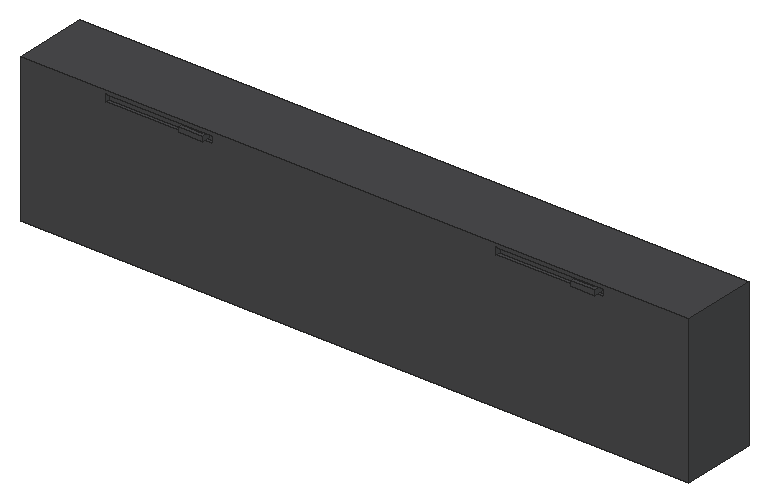
Revit family "DOT BLOCK CEILLING 328_DTSM15U3.1.15", category Luminarias, Revit 2019
Family settings
  Cota de conector redondo = Diámetro de uso
  Tipo de pieza = Normal
  Se basa en plano de trabajo = Sí
  Siempre vertical = Sí
  Corte con vacíos al cargar = No
  Origen de luz = Sí
  Compartido = No
  Punto de cálculo de habitación = No
Parameters (values of type "DOT BLOCK SURFACE 328_DM15U3.3.15")
  Ángulo de inclinación = 60.00°
  Zone [instance] = ""
  Watt per fixture = 15
  Wattage = 15 W
  built-in parameter 1150107 = 2700 (stored number, unit not read)
  built-in parameter 1150110 = 1 (stored number, unit not read)
  built-in parameter 1150109 = 1 (stored number, unit not read)
  built-in parameter 1150112 = 1 (stored number, unit not read)
  built-in parameter 1150113 = 1 (stored number, unit not read)
  built-in parameter 1114218 = 1 (stored number, unit not read)
  Keynote = ""
  built-in parameter 1150137 = (empty or 0)
  built-in parameter 1150132 = (empty or 0)
  Modelo = "DM15U3.3.15"
  Lámpara = "3030SMD PHILIPS"
  built-in parameter 1150105 = 95.493 (stored number, unit not read)
  built-in parameter 1150102 = (empty or 0)
  built-in parameter 1150106 = 0.95493 (stored number, unit not read)
  Lumens = 1200 lm
  Color Filter = 16777215
  built-in parameter 1114217 = 1 (stored number, unit not read)
  built-in parameter 1150139 = (empty or 0)
  Fabricante = "BRILLANT"
  Default Elevation = 1219.2 mm
  built-in parameter 1150104 = 7.4322 (stored number, unit not read)
  Descripción = "LUMINARIA DOWNLIGHT EN FORMATO RECTANGULAR PARA EMPOTRAR DIRECTO EN PLAFON, CUERPO DE ALUMINIO ACABADO EN COLOR NEGRO, IP 20, PESO 0.84Kg, TIPO DE LED 3030SMD PHILIPS CON 15W TOTAL, 1200 LUMENES, 80LM/W, IRC 90, TEMPERATURA EN BLANCO CALIDO 2700K, 50 MIL HORAS DE VIDA PROMEDIO, APERTURA DE 15 GRADOS POR PROYECTO, ALIMENTADO A 90-240V"
  built-in parameter 1150115 = 1 (stored number, unit not read)
  built-in parameter 1150114 = 1 (stored number, unit not read)
  Comentarios de vataje = "90-240V"
  built-in parameter 1150138 = (empty or 0)
  built-in parameter 1150134 = (empty or 0)
  Circuit [instance] = ""
  Dimming Lamp Color Temperature Shift = (empty or 0)
  Archivo de red fotométrica = "L328A-15W-827-B-15_IESNA95.IES"
  built-in parameter 1150133 = 10 (stored number, unit not read)
Reference planes
  plane 1 "Centro (Frontal/Posterior)": y = 0
  plane 2: z = 0
  plane 3 "Centro (Izquierda/Derecha)": x = 0
Forms (mm)
  Extrusion 1, solid, material "Default Form", not visible
    sketch origin (0, 0, 0) x (1, 0, 0) y (0, 0, 1)
      loop
        line (-473, 0) -> (-473, -72) -> (473, -72) -> (473, 0) -> (-473, 0)
    from -18.326 to 18.326
  Blend 2, void, not visible
    base sketch origin (-293.63, 0, 0) x (1, 0, 0) y (0, 1, 0)
      loop
        line (-162, 16.149) -> (-162, -16.149) -> (-144.14, -16.149) -> (-144.14, 16.149) -> (-162, 16.149)
    top sketch origin (-293.63, 0, 0) x (1, 0, 0) y (0, 1, 0)
      loop
        line (-160, 12.149) -> (-160, -12.149) -> (-146.14, -12.149) -> (-146.14, 12.149) -> (-160, 12.149)
    from -72 to -61.591
  Blend 3, void, not visible
    base sketch origin (-267.33, 0, 0) x (1, 0, 0) y (0, 1, 0)
      loop
        line (-162, 16.149) -> (-162, -16.149) -> (-144.14, -16.149) -> (-144.14, 16.149) -> (-162, 16.149)
    top sketch origin (-267.33, 0, 0) x (1, 0, 0) y (0, 1, 0)
      loop
        line (-160, 12.149) -> (-160, -12.149) -> (-146.14, -12.149) -> (-146.14, 12.149) -> (-160, 12.149)
    from -72 to -61.591
  Blend 4, void, not visible
    base sketch origin (-241.03, 0, 0) x (1, 0, 0) y (0, 1, 0)
      loop
        line (-162, 16.149) -> (-162, -16.149) -> (-144.14, -16.149) -> (-144.14, 16.149) -> (-162, 16.149)
    top sketch origin (-241.03, 0, 0) x (1, 0, 0) y (0, 1, 0)
      loop
        line (-160, 12.149) -> (-160, -12.149) -> (-146.14, -12.149) -> (-146.14, 12.149) -> (-160, 12.149)
    from -72 to -61.591
  Blend 5, void, not visible
    base sketch origin (-214.73, 0, 0) x (1, 0, 0) y (0, 1, 0)
      loop
        line (-162, 16.149) -> (-162, -16.149) -> (-144.14, -16.149) -> (-144.14, 16.149) -> (-162, 16.149)
    top sketch origin (-214.73, 0, 0) x (1, 0, 0) y (0, 1, 0)
      loop
        line (-160, 12.149) -> (-160, -12.149) -> (-146.14, -12.149) -> (-146.14, 12.149) -> (-160, 12.149)
    from -72 to -61.591
  Blend 6, void, not visible
    base sketch origin (-188.43, 0, 0) x (1, 0, 0) y (0, 1, 0)
      loop
        line (-162, 16.149) -> (-162, -16.149) -> (-144.14, -16.149) -> (-144.14, 16.149) -> (-162, 16.149)
    top sketch origin (-188.43, 0, 0) x (1, 0, 0) y (0, 1, 0)
      loop
        line (-160, 12.149) -> (-160, -12.149) -> (-146.14, -12.149) -> (-146.14, 12.149) -> (-160, 12.149)
    from -72 to -61.591
  Blend 7, void, not visible
    base sketch origin (-162.13, 0, 0) x (1, 0, 0) y (0, 1, 0)
      loop
        line (-162, 16.149) -> (-162, -16.149) -> (-144.14, -16.149) -> (-144.14, 16.149) -> (-162, 16.149)
    top sketch origin (-162.13, 0, 0) x (1, 0, 0) y (0, 1, 0)
      loop
        line (-160, 12.149) -> (-160, -12.149) -> (-146.14, -12.149) -> (-146.14, 12.149) -> (-160, 12.149)
    from -72 to -61.591
  Blend 8, void, not visible
    base sketch origin (-135.83, 0, 0) x (1, 0, 0) y (0, 1, 0)
      loop
        line (-162, 16.149) -> (-162, -16.149) -> (-144.14, -16.149) -> (-144.14, 16.149) -> (-162, 16.149)
    top sketch origin (-135.83, 0, 0) x (1, 0, 0) y (0, 1, 0)
      loop
        line (-160, 12.149) -> (-160, -12.149) -> (-146.14, -12.149) -> (-146.14, 12.149) -> (-160, 12.149)
    from -72 to -61.591
  Blend 9, void, not visible
    base sketch origin (-109.53, 0, 0) x (1, 0, 0) y (0, 1, 0)
      loop
        line (-162, 16.149) -> (-162, -16.149) -> (-144.14, -16.149) -> (-144.14, 16.149) -> (-162, 16.149)
    top sketch origin (-109.53, 0, 0) x (1, 0, 0) y (0, 1, 0)
      loop
        line (-160, 12.149) -> (-160, -12.149) -> (-146.14, -12.149) -> (-146.14, 12.149) -> (-160, 12.149)
    from -72 to -61.591
  Blend 10, void, not visible
    base sketch origin (-83.23, 0, 0) x (1, 0, 0) y (0, 1, 0)
      loop
        line (-162, 16.149) -> (-162, -16.149) -> (-144.14, -16.149) -> (-144.14, 16.149) -> (-162, 16.149)
    top sketch origin (-83.23, 0, 0) x (1, 0, 0) y (0, 1, 0)
      loop
        line (-160, 12.149) -> (-160, -12.149) -> (-146.14, -12.149) -> (-146.14, 12.149) -> (-160, 12.149)
    from -72 to -61.591
  Blend 11, void, not visible
    base sketch origin (-56.93, 0, 0) x (1, 0, 0) y (0, 1, 0)
      loop
        line (-162, 16.149) -> (-162, -16.149) -> (-144.14, -16.149) -> (-144.14, 16.149) -> (-162, 16.149)
    top sketch origin (-56.93, 0, 0) x (1, 0, 0) y (0, 1, 0)
      loop
        line (-160, 12.149) -> (-160, -12.149) -> (-146.14, -12.149) -> (-146.14, 12.149) -> (-160, 12.149)
    from -72 to -61.591
  Blend 12, void, not visible
    base sketch origin (-30.63, 0, 0) x (1, 0, 0) y (0, 1, 0)
      loop
        line (-162, 16.149) -> (-162, -16.149) -> (-144.14, -16.149) -> (-144.14, 16.149) -> (-162, 16.149)
    top sketch origin (-30.63, 0, 0) x (1, 0, 0) y (0, 1, 0)
      loop
        line (-160, 12.149) -> (-160, -12.149) -> (-146.14, -12.149) -> (-146.14, 12.149) -> (-160, 12.149)
    from -72 to -61.591
  Blend 13, void, not visible
    base sketch origin (-4.33, 0, 0) x (1, 0, 0) y (0, 1, 0)
      loop
        line (-162, 16.149) -> (-162, -16.149) -> (-144.14, -16.149) -> (-144.14, 16.149) -> (-162, 16.149)
    top sketch origin (-4.33, 0, 0) x (1, 0, 0) y (0, 1, 0)
      loop
        line (-160, 12.149) -> (-160, -12.149) -> (-146.14, -12.149) -> (-146.14, 12.149) -> (-160, 12.149)
    from -72 to -61.591
  Blend 14, void, not visible
    base sketch origin (21.97, 0, 0) x (1, 0, 0) y (0, 1, 0)
      loop
        line (-162, 16.149) -> (-162, -16.149) -> (-144.14, -16.149) -> (-144.14, 16.149) -> (-162, 16.149)
    top sketch origin (21.97, 0, 0) x (1, 0, 0) y (0, 1, 0)
      loop
        line (-160, 12.149) -> (-160, -12.149) -> (-146.14, -12.149) -> (-146.14, 12.149) -> (-160, 12.149)
    from -72 to -61.591
  Blend 15, void, not visible
    base sketch origin (48.27, 0, 0) x (1, 0, 0) y (0, 1, 0)
      loop
        line (-162, 16.149) -> (-162, -16.149) -> (-144.14, -16.149) -> (-144.14, 16.149) -> (-162, 16.149)
    top sketch origin (48.27, 0, 0) x (1, 0, 0) y (0, 1, 0)
      loop
        line (-160, 12.149) -> (-160, -12.149) -> (-146.14, -12.149) -> (-146.14, 12.149) -> (-160, 12.149)
    from -72 to -61.591
  Blend 16, void, not visible
    base sketch origin (74.57, 0, 0) x (1, 0, 0) y (0, 1, 0)
      loop
        line (-162, 16.149) -> (-162, -16.149) -> (-144.14, -16.149) -> (-144.14, 16.149) -> (-162, 16.149)
    top sketch origin (74.57, 0, 0) x (1, 0, 0) y (0, 1, 0)
      loop
        line (-160, 12.149) -> (-160, -12.149) -> (-146.14, -12.149) -> (-146.14, 12.149) -> (-160, 12.149)
    from -72 to -61.591
  Blend 17, void, not visible
    base sketch origin (100.87, 0, 0) x (1, 0, 0) y (0, 1, 0)
      loop
        line (-162, 16.149) -> (-162, -16.149) -> (-144.14, -16.149) -> (-144.14, 16.149) -> (-162, 16.149)
    top sketch origin (100.87, 0, 0) x (1, 0, 0) y (0, 1, 0)
      loop
        line (-160, 12.149) -> (-160, -12.149) -> (-146.14, -12.149) -> (-146.14, 12.149) -> (-160, 12.149)
    from -72 to -61.591
  Blend 18, void, not visible
    base sketch origin (127.17, 0, 0) x (1, 0, 0) y (0, 1, 0)
      loop
        line (-162, 16.149) -> (-162, -16.149) -> (-144.14, -16.149) -> (-144.14, 16.149) -> (-162, 16.149)
    top sketch origin (127.17, 0, 0) x (1, 0, 0) y (0, 1, 0)
      loop
        line (-160, 12.149) -> (-160, -12.149) -> (-146.14, -12.149) -> (-146.14, 12.149) -> (-160, 12.149)
    from -72 to -61.591
  Blend 19, void, not visible
    base sketch origin (153.47, 0, 0) x (1, 0, 0) y (0, 1, 0)
      loop
        line (-162, 16.149) -> (-162, -16.149) -> (-144.14, -16.149) -> (-144.14, 16.149) -> (-162, 16.149)
    top sketch origin (153.47, 0, 0) x (1, 0, 0) y (0, 1, 0)
      loop
        line (-160, 12.149) -> (-160, -12.149) -> (-146.14, -12.149) -> (-146.14, 12.149) -> (-160, 12.149)
    from -72 to -61.591
  Blend 20, void, not visible
    base sketch origin (179.77, 0, 0) x (1, 0, 0) y (0, 1, 0)
      loop
        line (-162, 16.149) -> (-162, -16.149) -> (-144.14, -16.149) -> (-144.14, 16.149) -> (-162, 16.149)
    top sketch origin (179.77, 0, 0) x (1, 0, 0) y (0, 1, 0)
      loop
        line (-160, 12.149) -> (-160, -12.149) -> (-146.14, -12.149) -> (-146.14, 12.149) -> (-160, 12.149)
    from -72 to -61.591
  Blend 21, void, not visible
    base sketch origin (206.07, 0, 0) x (1, 0, 0) y (0, 1, 0)
      loop
        line (-162, 16.149) -> (-162, -16.149) -> (-144.14, -16.149) -> (-144.14, 16.149) -> (-162, 16.149)
    top sketch origin (206.07, 0, 0) x (1, 0, 0) y (0, 1, 0)
      loop
        line (-160, 12.149) -> (-160, -12.149) -> (-146.14, -12.149) -> (-146.14, 12.149) -> (-160, 12.149)
    from -72 to -61.591
  Blend 22, void, not visible
    base sketch origin (232.37, 0, 0) x (1, 0, 0) y (0, 1, 0)
      loop
        line (-162, 16.149) -> (-162, -16.149) -> (-144.14, -16.149) -> (-144.14, 16.149) -> (-162, 16.149)
    top sketch origin (232.37, 0, 0) x (1, 0, 0) y (0, 1, 0)
      loop
        line (-160, 12.149) -> (-160, -12.149) -> (-146.14, -12.149) -> (-146.14, 12.149) -> (-160, 12.149)
    from -72 to -61.591
  Blend 23, void, not visible
    base sketch origin (258.67, 0, 0) x (1, 0, 0) y (0, 1, 0)
      loop
        line (-162, 16.149) -> (-162, -16.149) -> (-144.14, -16.149) -> (-144.14, 16.149) -> (-162, 16.149)
    top sketch origin (258.67, 0, 0) x (1, 0, 0) y (0, 1, 0)
      loop
        line (-160, 12.149) -> (-160, -12.149) -> (-146.14, -12.149) -> (-146.14, 12.149) -> (-160, 12.149)
    from -72 to -61.591
  Blend 24, void, not visible
    base sketch origin (284.97, 0, 0) x (1, 0, 0) y (0, 1, 0)
      loop
        line (-162, 16.149) -> (-162, -16.149) -> (-144.14, -16.149) -> (-144.14, 16.149) -> (-162, 16.149)
    top sketch origin (284.97, 0, 0) x (1, 0, 0) y (0, 1, 0)
      loop
        line (-160, 12.149) -> (-160, -12.149) -> (-146.14, -12.149) -> (-146.14, 12.149) -> (-160, 12.149)
    from -72 to -61.591
  Blend 25, void, not visible
    base sketch origin (311.27, 0, 0) x (1, 0, 0) y (0, 1, 0)
      loop
        line (-162, 16.149) -> (-162, -16.149) -> (-144.14, -16.149) -> (-144.14, 16.149) -> (-162, 16.149)
    top sketch origin (311.27, 0, 0) x (1, 0, 0) y (0, 1, 0)
      loop
        line (-160, 12.149) -> (-160, -12.149) -> (-146.14, -12.149) -> (-146.14, 12.149) -> (-160, 12.149)
    from -72 to -61.591
  Blend 26, void, not visible
    base sketch origin (337.57, 0, 0) x (1, 0, 0) y (0, 1, 0)
      loop
        line (-162, 16.149) -> (-162, -16.149) -> (-144.14, -16.149) -> (-144.14, 16.149) -> (-162, 16.149)
    top sketch origin (337.57, 0, 0) x (1, 0, 0) y (0, 1, 0)
      loop
        line (-160, 12.149) -> (-160, -12.149) -> (-146.14, -12.149) -> (-146.14, 12.149) -> (-160, 12.149)
    from -72 to -61.591
  Blend 27, void, not visible
    base sketch origin (363.87, 0, 0) x (1, 0, 0) y (0, 1, 0)
      loop
        line (-162, 16.149) -> (-162, -16.149) -> (-144.14, -16.149) -> (-144.14, 16.149) -> (-162, 16.149)
    top sketch origin (363.87, 0, 0) x (1, 0, 0) y (0, 1, 0)
      loop
        line (-160, 12.149) -> (-160, -12.149) -> (-146.14, -12.149) -> (-146.14, 12.149) -> (-160, 12.149)
    from -72 to -61.591
  Blend 28, void, not visible
    base sketch origin (390.17, 0, 0) x (1, 0, 0) y (0, 1, 0)
      loop
        line (-162, 16.149) -> (-162, -16.149) -> (-144.14, -16.149) -> (-144.14, 16.149) -> (-162, 16.149)
    top sketch origin (390.17, 0, 0) x (1, 0, 0) y (0, 1, 0)
      loop
        line (-160, 12.149) -> (-160, -12.149) -> (-146.14, -12.149) -> (-146.14, 12.149) -> (-160, 12.149)
    from -72 to -61.591
  Blend 29, void, not visible
    base sketch origin (416.47, 0, 0) x (1, 0, 0) y (0, 1, 0)
      loop
        line (-162, 16.149) -> (-162, -16.149) -> (-144.14, -16.149) -> (-144.14, 16.149) -> (-162, 16.149)
    top sketch origin (416.47, 0, 0) x (1, 0, 0) y (0, 1, 0)
      loop
        line (-160, 12.149) -> (-160, -12.149) -> (-146.14, -12.149) -> (-146.14, 12.149) -> (-160, 12.149)
    from -72 to -61.591
  Blend 30, void, not visible
    base sketch origin (442.77, 0, 0) x (1, 0, 0) y (0, 1, 0)
      loop
        line (-162, 16.149) -> (-162, -16.149) -> (-144.14, -16.149) -> (-144.14, 16.149) -> (-162, 16.149)
    top sketch origin (442.77, 0, 0) x (1, 0, 0) y (0, 1, 0)
      loop
        line (-160, 12.149) -> (-160, -12.149) -> (-146.14, -12.149) -> (-146.14, 12.149) -> (-160, 12.149)
    from -72 to -61.591
  Blend 31, void, not visible
    base sketch origin (469.07, 0, 0) x (1, 0, 0) y (0, 1, 0)
      loop
        line (-162, 16.149) -> (-162, -16.149) -> (-144.14, -16.149) -> (-144.14, 16.149) -> (-162, 16.149)
    top sketch origin (469.07, 0, 0) x (1, 0, 0) y (0, 1, 0)
      loop
        line (-160, 12.149) -> (-160, -12.149) -> (-146.14, -12.149) -> (-146.14, 12.149) -> (-160, 12.149)
    from -72 to -61.591
  Blend 32, void, not visible
    base sketch origin (495.37, 0, 0) x (1, 0, 0) y (0, 1, 0)
      loop
        line (-162, 16.149) -> (-162, -16.149) -> (-144.14, -16.149) -> (-144.14, 16.149) -> (-162, 16.149)
    top sketch origin (495.37, 0, 0) x (1, 0, 0) y (0, 1, 0)
      loop
        line (-160, 12.149) -> (-160, -12.149) -> (-146.14, -12.149) -> (-146.14, 12.149) -> (-160, 12.149)
    from -72 to -61.591
  Blend 33, void, not visible
    base sketch origin (521.67, 0, 0) x (1, 0, 0) y (0, 1, 0)
      loop
        line (-162, 16.149) -> (-162, -16.149) -> (-144.14, -16.149) -> (-144.14, 16.149) -> (-162, 16.149)
    top sketch origin (521.67, 0, 0) x (1, 0, 0) y (0, 1, 0)
      loop
        line (-160, 12.149) -> (-160, -12.149) -> (-146.14, -12.149) -> (-146.14, 12.149) -> (-160, 12.149)
    from -72 to -61.591
  Blend 34, void, not visible
    base sketch origin (547.97, 0, 0) x (1, 0, 0) y (0, 1, 0)
      loop
        line (-162, 16.149) -> (-162, -16.149) -> (-144.14, -16.149) -> (-144.14, 16.149) -> (-162, 16.149)
    top sketch origin (547.97, 0, 0) x (1, 0, 0) y (0, 1, 0)
      loop
        line (-160, 12.149) -> (-160, -12.149) -> (-146.14, -12.149) -> (-146.14, 12.149) -> (-160, 12.149)
    from -72 to -61.591
  Blend 35, void, not visible
    base sketch origin (574.27, 0, 0) x (1, 0, 0) y (0, 1, 0)
      loop
        line (-162, 16.149) -> (-162, -16.149) -> (-144.14, -16.149) -> (-144.14, 16.149) -> (-162, 16.149)
    top sketch origin (574.27, 0, 0) x (1, 0, 0) y (0, 1, 0)
      loop
        line (-160, 12.149) -> (-160, -12.149) -> (-146.14, -12.149) -> (-146.14, 12.149) -> (-160, 12.149)
    from -72 to -61.591
  Blend 36, void, not visible
    base sketch origin (600.57, 0, 0) x (1, 0, 0) y (0, 1, 0)
      loop
        line (-162, 16.149) -> (-162, -16.149) -> (-144.14, -16.149) -> (-144.14, 16.149) -> (-162, 16.149)
    top sketch origin (600.57, 0, 0) x (1, 0, 0) y (0, 1, 0)
      loop
        line (-160, 12.149) -> (-160, -12.149) -> (-146.14, -12.149) -> (-146.14, 12.149) -> (-160, 12.149)
    from -72 to -61.591
  Extrusion 37, solid, not visible
    sketch origin (-463.861, 0, 3.217) x (0, -1, 0) y (0, 0, -1)
      loop
        line (18.326, 3.217) -> (-18.326, 3.217) -> (-18.326, 73.917) -> (-32.183, 73.917) -> (-32.183, 72.617) -> (-19.626, 72.617) -> (-19.626, 1.917) -> (19.626, 1.917) -> (19.626, 72.617) -> (32.183, 72.617) -> (32.183, 73.917) -> (18.326, 73.917) -> (18.326, 3.217)
    from 89.098 to 128.24
  Extrusion 38, solid, not visible
    sketch origin (-246.523, 0, 3.217) x (0, -1, 0) y (0, 0, 1)
      loop
        line (-19.626, -1.917) -> (19.626, -1.917) -> (19.626, -63.89) -> (20.426, -63.89) -> (20.426, -1.117) -> (-20.426, -1.117) -> (-20.426, -63.89) -> (-19.626, -63.89) -> (-19.626, -1.917)
    from 122.954 to 124.098
  Extrusion 39, solid, not visible
    sketch origin (-463.861, 0, 3.217) x (0, -1, 0) y (0, 0, -1)
      loop
        line (-19.626, 1.917) -> (-19.626, 63.89) -> (-20.426, 63.89) -> (-20.426, 1.117) -> (20.426, 1.117) -> (20.426, 63.89) -> (19.626, 63.89) -> (19.626, 1.917) -> (-19.626, 1.917)
    from 122.954 to 124.098
  Extrusion 40, void, not visible
    sketch origin (0, 0, 0) x (1, 0, 0) y (0, 1, 0)
      loop
        circle (-363.799, -25.904) r 2.055
      loop
        circle (-346.585, -25.904) r 2.055
      loop
        circle (-363.799, 25.904) r 2.055
      loop
        circle (-346.585, 25.904) r 2.055
    from -70.7 to -69.4
  Blend 41, void
    base sketch origin (74.57, 130.851, 72) x (1, 0, 0) y (0, 1, 0)
      loop
        line (-162, -147) -> (-144.14, -147) -> (-144.14, -114.702) -> (-162, -114.702) -> (-162, -147)
    top sketch origin (74.57, 130.851, 72) x (1, 0, 0) y (0, 1, 0)
      loop
        line (-160, -143) -> (-146.14, -143) -> (-146.14, -118.702) -> (-160, -118.702) -> (-160, -143)
    from -72 to -61.591
  Blend 42, void
    base sketch origin (100.87, 130.851, 72) x (1, 0, 0) y (0, 1, 0)
      loop
        line (-162, -147) -> (-144.14, -147) -> (-144.14, -114.702) -> (-162, -114.702) -> (-162, -147)
    top sketch origin (100.87, 130.851, 72) x (1, 0, 0) y (0, 1, 0)
      loop
        line (-160, -143) -> (-146.14, -143) -> (-146.14, -118.702) -> (-160, -118.702) -> (-160, -143)
    from -72 to -61.591
  Blend 43, void
    base sketch origin (127.17, 130.851, 72) x (1, 0, 0) y (0, 1, 0)
      loop
        line (-162, -147) -> (-144.14, -147) -> (-144.14, -114.702) -> (-162, -114.702) -> (-162, -147)
    top sketch origin (127.17, 130.851, 72) x (1, 0, 0) y (0, 1, 0)
      loop
        line (-160, -143) -> (-146.14, -143) -> (-146.14, -118.702) -> (-160, -118.702) -> (-160, -143)
    from -72 to -61.591
  Blend 44, void
    base sketch origin (153.47, 130.851, 72) x (1, 0, 0) y (0, 1, 0)
      loop
        line (-162, -147) -> (-144.14, -147) -> (-144.14, -114.702) -> (-162, -114.702) -> (-162, -147)
    top sketch origin (153.47, 130.851, 72) x (1, 0, 0) y (0, 1, 0)
      loop
        line (-160, -143) -> (-146.14, -143) -> (-146.14, -118.702) -> (-160, -118.702) -> (-160, -143)
    from -72 to -61.591
  Blend 45, void
    base sketch origin (179.77, 130.851, 72) x (1, 0, 0) y (0, 1, 0)
      loop
        line (-162, -147) -> (-144.14, -147) -> (-144.14, -114.702) -> (-162, -114.702) -> (-162, -147)
    top sketch origin (179.77, 130.851, 72) x (1, 0, 0) y (0, 1, 0)
      loop
        line (-160, -143) -> (-146.14, -143) -> (-146.14, -118.702) -> (-160, -118.702) -> (-160, -143)
    from -72 to -61.591
  Blend 46, void
    base sketch origin (206.07, 130.851, 72) x (1, 0, 0) y (0, 1, 0)
      loop
        line (-162, -147) -> (-144.14, -147) -> (-144.14, -114.702) -> (-162, -114.702) -> (-162, -147)
    top sketch origin (206.07, 130.851, 72) x (1, 0, 0) y (0, 1, 0)
      loop
        line (-160, -143) -> (-146.14, -143) -> (-146.14, -118.702) -> (-160, -118.702) -> (-160, -143)
    from -72 to -61.591
  Blend 47, void
    base sketch origin (232.37, 130.851, 72) x (1, 0, 0) y (0, 1, 0)
      loop
        line (-162, -147) -> (-144.14, -147) -> (-144.14, -114.702) -> (-162, -114.702) -> (-162, -147)
    top sketch origin (232.37, 130.851, 72) x (1, 0, 0) y (0, 1, 0)
      loop
        line (-160, -143) -> (-146.14, -143) -> (-146.14, -118.702) -> (-160, -118.702) -> (-160, -143)
    from -72 to -61.591
  Extrusion 48, solid, material "Default Form"
    sketch origin (0, 0, 72) x (1, 0, 0) y (0, 0, -1)
      loop
        line (-164, 0) -> (164, 0) -> (164, 72) -> (-164, 72) -> (-164, 0)
    from -18.326 to 18.326
  Blend 49, void
    base sketch origin (258.67, 130.851, 72) x (1, 0, 0) y (0, 1, 0)
      loop
        line (-162, -147) -> (-144.14, -147) -> (-144.14, -114.702) -> (-162, -114.702) -> (-162, -147)
    top sketch origin (258.67, 130.851, 72) x (1, 0, 0) y (0, 1, 0)
      loop
        line (-160, -143) -> (-146.14, -143) -> (-146.14, -118.702) -> (-160, -118.702) -> (-160, -143)
    from -72 to -61.591
  Blend 50, void
    base sketch origin (284.97, 130.851, 72) x (1, 0, 0) y (0, 1, 0)
      loop
        line (-162, -147) -> (-144.14, -147) -> (-144.14, -114.702) -> (-162, -114.702) -> (-162, -147)
    top sketch origin (284.97, 130.851, 72) x (1, 0, 0) y (0, 1, 0)
      loop
        line (-160, -143) -> (-146.14, -143) -> (-146.14, -118.702) -> (-160, -118.702) -> (-160, -143)
    from -72 to -61.591
  Blend 51, void
    base sketch origin (21.97, 130.851, 72) x (1, 0, 0) y (0, 1, 0)
      loop
        line (-162, -147) -> (-144.14, -147) -> (-144.14, -114.702) -> (-162, -114.702) -> (-162, -147)
    top sketch origin (21.97, 130.851, 72) x (1, 0, 0) y (0, 1, 0)
      loop
        line (-160, -143) -> (-146.14, -143) -> (-146.14, -118.702) -> (-160, -118.702) -> (-160, -143)
    from -72 to -61.591
  Blend 52, void
    base sketch origin (48.27, 130.851, 72) x (1, 0, 0) y (0, 1, 0)
      loop
        line (-162, -147) -> (-144.14, -147) -> (-144.14, -114.702) -> (-162, -114.702) -> (-162, -147)
    top sketch origin (48.27, 130.851, 72) x (1, 0, 0) y (0, 1, 0)
      loop
        line (-160, -143) -> (-146.14, -143) -> (-146.14, -118.702) -> (-160, -118.702) -> (-160, -143)
    from -72 to -61.591
  Extrusion 53, void
    sketch origin (0, 0, 0) x (1, 0, 0) y (0, 1, 0)
      loop
        line (-122.17, -18.326) -> (-69.57, -18.326) -> (-69.57, -16.149) -> (-122.17, -16.149) -> (-122.17, -18.326)
      loop
        line (122.17, -18.326) -> (122.17, -16.149) -> (69.57, -16.149) -> (69.57, -18.326) -> (122.17, -18.326)
      loop
        line (-122.17, 18.326) -> (-122.17, 16.149) -> (-69.57, 16.149) -> (-69.57, 18.326) -> (-122.17, 18.326)
      loop
        line (122.17, 18.326) -> (69.57, 18.326) -> (69.57, 16.149) -> (122.17, 16.149) -> (122.17, 18.326)
    from 66.852 to 70.535
  Extrusion 54, solid, material "Default Form"
    sketch origin (0, 0, 0) x (1, 0, 0) y (0, 1, 0)
      loop
        line (-73.041, -16.149) -> (-74.374, -16.149) -> (-74.374, -18.326) -> (-84.875, -18.326) -> (-84.875, -20.238) -> (-73.041, -20.238) -> (-73.041, -16.149)
      loop
        line (119.435, -16.149) -> (118.101, -16.149) -> (118.101, -18.326) -> (107.601, -18.326) -> (107.601, -20.238) -> (119.435, -20.238) -> (119.435, -16.149)
      loop
        line (-73.041, 16.149) -> (-73.041, 20.238) -> (-84.875, 20.238) -> (-84.875, 18.326) -> (-74.374, 18.326) -> (-74.374, 16.149) -> (-73.041, 16.149)
      loop
        line (119.435, 16.149) -> (119.435, 20.238) -> (107.601, 20.238) -> (107.601, 18.326) -> (118.101, 18.326) -> (118.101, 16.149) -> (119.435, 16.149)
    from 67.466 to 69.773
Cuts and joins
  Blend 41, Blend 42, Blend 43, Blend 44, Blend 45, Blend 46, Blend 47, Blend 49, Blend 50, Blend 51, Blend 52, Extrusion 53 cuts Extrusion 48
Dimensions and locks
  cut or joined group 1 (Blend 41, Blend 42, Blend 43, Blend 44, Blend 45, Blend 46, Blend 47, Extrusion 48, Blend 49, Blend 50, Blend 51, Blend 52, Extrusion 53) to cut or joined group 1 = 72 mm  (x2)
  cut or joined group 1 to cut or joined group 1 = 36.651 mm
  cut or joined group 1 to cut or joined group 1 = 328 mm
  aligned and locked: level to plane 2
Connectors
  electrical at (0, 0, 72)
    settings: on cut or joined group 1, index 1, voltage 0 V, apparent load 0 VA, apparent load phase1 0 VA, apparent load phase2 0 VA, apparent load phase3 0 VA, power factor 1, load classification "Otro", number of poles 1, system type 31, power factor state 1, is connector primary yes, connector utility no, sub classification motor no, connector description ""
